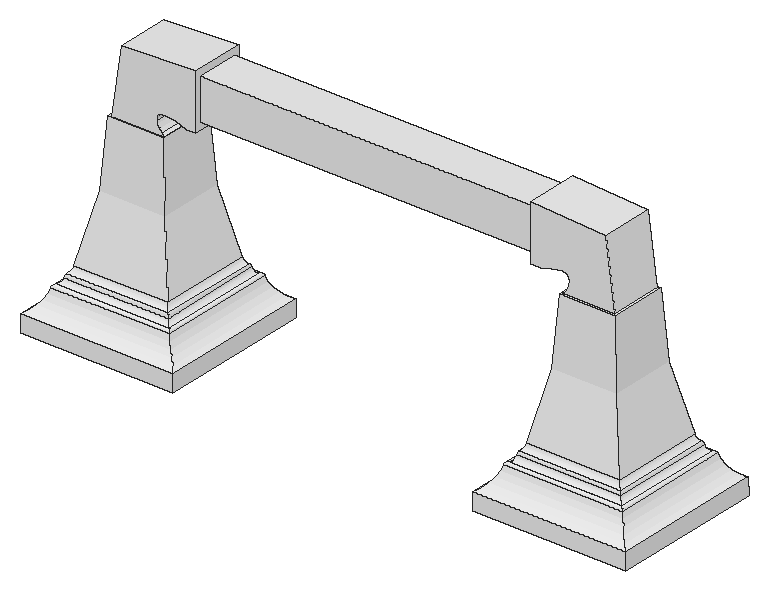
Revit family "Toilet-Paper-Holder-American_Standard-TS_Series-7455230", category Specialty Equipment, host Face, Revit 2014
Parameters (values of type "7455230")
  Width = 3 7/16"  # constant formula
  Warranty Information = "One Year General Product Warranty"  # constant formula
  URL = "https://www.americanstandard-us.com/"
  Type Comments = ""
  Specification = "Toilet Paper Holder shall feature metal construction. Shall feature concealed mounting with no exposed set screws."  # constant formula
  Product Page URL = "https://www.americanstandard-us.com/bathroom/bathroom-accessories/ts-series-toilet-paper-holder-33447?variant=polished-chrome"
  Product Documentation Link = "https://www.americanstandard-us.com/-/media/sites/asus/files/product-specs/bathroom-accessories/2018/townsquare-s-bathroom-accessories/specsheet-7455230.pdf?la=en"
  Price = "Prices may vary. Please consult Manufacturer Representative for most up-to-date price list."  # constant formula
  Model = "7455230"  # constant formula
  Material = "Metal-American Standard-002-Polished Chrome"
  Manufacturer = "American Standard"  # constant formula
  Length = 8 29/32"  # constant formula
  Installation Type = "Wall Mount"  # constant formula
  Height = 2 1/4"  # constant formula
  Finish = Metal-American Standard-002-Polished Chrome
  Description = "TS Series Bath Accessories Toilet Paper Holder"  # constant formula
  Default Elevation = 48"  # constant formula
  Creation Date = "5/07/2018"  # constant formula
  Assembly Code = "C1030220"
Types (3): name | Product Page URL | Product Documentation Link
  (no name) | "https://www.americanstandard-us.com/bathroom/bathroom-accessories/ts-series-toilet-paper-holder-33447?variant=polished-chrome" | "https://www.americanstandard-us.com/-/media/sites/asus/files/product-specs/bathroom-accessories/2018/townsquare-s-bathroom-accessories/specsheet-7455230.pdf?la=en"
  7455230 | "https://www.americanstandard-us.com/bathroom/bathroom-accessories/ts-series-toilet-paper-holder-33447?variant=polished-chrome" | "https://www.americanstandard-us.com/-/media/sites/asus/files/product-specs/bathroom-accessories/2018/townsquare-s-bathroom-accessories/specsheet-7455230.pdf?la=en"
  7455024 | "" | ""
Reference planes (in)
  plane 1 "Center (Front/Back)": y = 0
  plane 2: z = 0
  plane 3 "Center (Left/Right)": x = 0
  plane 4: y = 1.125
  plane 5: y = -1.125
  plane 6: x = -4.45313
  plane 7: z = 3.4375
  plane 8: y = -0.3125
  plane 9: y = 0.3125
  plane 10: x = 4.45312
  plane 11: z = 3.7375
  plane 12: z = 3.125
  plane 13: x = -3.32812
  plane 14: x = 3.32813
  plane 15: x = -2.20312
  plane 16: x = 2.20313
  plane 17: x = 2.46379
  plane 18: x = -2.45843
Forms (in)
  Extrusion 1, solid, material "Metal-American Standard-002-Polished Chrome" <- "Finish"
    sketch origin (0, 0, 0) x (1, 0, 0) y (0, 1, 0)
      loop
        line (2.46379, 0.3125) -> (-2.45843, 0.3125) -> (-2.45843, -0.3125) -> (2.46379, -0.3125) -> (2.46379, 0.3125)
    from 3.125 to 3.7375
  Sweep 2, solid, material "Metal-American Standard-002-Polished Chrome" <- "Finish"
    path origin (-0.01562, 0, 0) x (1, 0, 0) y (0, 0, 1)
      loop
        line (2.47942, 3.43125) -> (3.32813, 3.43125) -> (3.32813, 2.79743)
    profile origin (2.88815, 0, 3.43125) x (0, 0, 1) y (0, -1, 0)
      loop
        line (0.43125, 0.38739) -> (-0.4625, 0.38739) -> (-0.4625, -0.39103) -> (0.43125, -0.39103) -> (0.43125, 0.38739)
  Sweep 3, solid, material "Metal-American Standard-002-Polished Chrome" <- "Finish"
    path origin (0.02099, 0, 0) x (-1, 0, 0) y (0, 0, 1)
      loop
        line (2.47942, 3.43125) -> (3.32813, 3.43125) -> (3.32813, 2.79743)
    profile origin (-2.88278, 0, 3.43125) x (0, 0, -1) y (0, -1, 0)
      loop
        line (-0.43125, 0.38739) -> (-0.43125, -0.39103) -> (0.4625, -0.39103) -> (0.4625, 0.38739) -> (-0.43125, 0.38739)
  Sweep 4, solid, material "Metal-American Standard-002-Polished Chrome" <- "Finish"
    path origin (0, 0, 0) x (1, 0, 0) y (0, 1, 0)
      loop
        line (-4.45313, 1.125) -> (-4.45313, -1.125) -> (-2.20312, -1.125) -> (-2.20312, 1.125) -> (-4.45313, 1.125)
    profile origin (-3.32812, 1.125, 0) x (0, 1, 0) y (0, 0, 1)
      loop
        line (-0.16444, 0) -> (0, 0) -> (0, 0.25)
        arc (0, 0.25) -> (-0.16077, 0.38802) -> (-0.24972, 0.58034) r 0.49863
        arc (-0.24972, 0.58034) -> (-0.26706, 0.60819) -> (-0.29801, 0.61906) r 0.04947
        arc (-0.29801, 0.61906) -> (-0.33901, 0.65191) -> (-0.35889, 0.70054) r 0.10468
        arc (-0.35889, 0.70054) -> (-0.36552, 0.72808) -> (-0.3776, 0.7537) r 0.13916
        arc (-0.3776, 0.7537) -> (-0.41929, 0.79484) -> (-0.44006, 0.8496) r 0.13745
        arc (-0.44006, 0.8496) -> (-0.64837, 1.81341) -> (-0.71204, 2.79743) r 6.65793
        line (-0.71204, 2.79743) -> (-0.75613, 2.79743)
        arc (-0.75613, 2.79743) -> (-0.62387, 1.36411) -> (-0.16444, 0) r 6.19579
  Sweep 5, solid, material "Metal-American Standard-002-Polished Chrome" <- "Finish"
    path origin (24.02344, 0.00241, 0) x (1, 0, 0) y (0, 1, 0)
      loop
        line (-21.82031, 1.12259) -> (-21.82031, -1.12741) -> (-19.57031, -1.12741) -> (-19.57031, 1.12259) -> (-21.82031, 1.12259)
    profile origin (3.32813, 1.125, 0) x (0, 1, 0) y (0, 0, 1)
      loop
        line (-0.16444, 0) -> (0, 0) -> (0, 0.25)
        arc (0, 0.25) -> (-0.16077, 0.38802) -> (-0.24972, 0.58034) r 0.49863
        arc (-0.24972, 0.58034) -> (-0.26706, 0.60819) -> (-0.29801, 0.61906) r 0.04947
        arc (-0.29801, 0.61906) -> (-0.33901, 0.65191) -> (-0.35889, 0.70054) r 0.10468
        arc (-0.35889, 0.70054) -> (-0.36552, 0.72808) -> (-0.3776, 0.7537) r 0.13916
        arc (-0.3776, 0.7537) -> (-0.41929, 0.79484) -> (-0.44006, 0.8496) r 0.13745
        arc (-0.44006, 0.8496) -> (-0.64837, 1.81341) -> (-0.71204, 2.79743) r 6.65793
        line (-0.71204, 2.79743) -> (-0.75613, 2.79743)
        arc (-0.75613, 2.79743) -> (-0.62387, 1.36411) -> (-0.16444, 0) r 6.19579
  Extrusion 6, void
    sketch origin (-1.05602, 0, -0.96066) x (1, 0, 0) y (0, 0, 1)
      loop
        arc (4.08793, 3.94825) -> (4.06434, 4.0193) -> (3.9948, 4.04701) r 0.08873
        arc (3.9948, 4.04701) -> (3.82464, 4.02338) -> (3.6606, 3.97236) r 1.05172
        line (3.6606, 3.97236) -> (3.51981, 3.97236) -> (3.51981, 3.92941) -> (3.90602, 3.92941) -> (3.90602, 3.75809) -> (3.99246, 3.75809) -> (4.02984, 3.79486)
        arc (4.02984, 3.79486) -> (4.06809, 3.86807) -> (4.08793, 3.94825) r 0.3464
    from -0.39103 to 0.38739
  Extrusion 7, void
    sketch origin (1.06138, 0, -0.96066) x (-1, 0, 0) y (0, 0, -1)
      loop
        arc (4.0882, -3.9486) -> (4.06833, -3.86817) -> (4.02994, -3.79476) r 0.34665
        line (4.02994, -3.79476) -> (3.99246, -3.75809) -> (3.90602, -3.75809) -> (3.90602, -3.92941) -> (3.51981, -3.92941) -> (3.51981, -3.97236) -> (3.66024, -3.97236)
        arc (3.66024, -3.97236) -> (3.82363, -4.02316) -> (3.99309, -4.04678) r 1.05158
        arc (3.99309, -4.04678) -> (4.06387, -4.02019) -> (4.0882, -3.9486) r 0.0884
    from -0.39103 to 0.38739
  Extrusion 8, void
    sketch origin (0, 0, 0) x (1, 0, 0) y (0, 0, 1)
      loop
        line (2.46379, 3.8625) -> (2.46379, 3.83004) -> (3.56087, 3.77254) -> (3.697, 2.79743) -> (3.74375, 2.79743) -> (3.74375, 3.8625) -> (2.46379, 3.8625)
    from -0.39103 to 0.38739
  Extrusion 9, void
    sketch origin (0.00536, 0, 0) x (-1, 0, 0) y (0, 0, -1)
      loop
        line (2.46379, -3.8625) -> (3.74375, -3.8625) -> (3.74375, -2.79743) -> (3.697, -2.79743) -> (3.56087, -3.77254) -> (2.46379, -3.83004) -> (2.46379, -3.8625)
    from -0.39103 to 0.38739
Cuts and joins
  Extrusion 6, Extrusion 8 cuts Sweep 2
  Extrusion 7 cuts Sweep 5
  joined: Extrusion 1, Sweep 2, Sweep 4, Sweep 5
  Extrusion 7, Extrusion 9 cuts Sweep 3
Lines and regions (in)
  Masking region 1
    outline origin (0, 0, 0) x (1, 0, 0) y (0, 0, 1)
      loop
        spline (4.20279, 0.58316) -> (4.2003, 0.58878) -> (4.19744, 0.59404) -> (4.19426, 0.5989) -> (4.19076, 0.60331) -> (4.187, 0.60723) -> (4.18299, 0.61063) -> (4.17878, 0.61347) -> (4.17441, 0.61573) -> (4.16991, 0.61739) -> (4.16532, 0.61843) -> (4.1607, 0.61885) -> (4.15607, 0.61864)
        arc (4.15607, 0.61864) -> (4.11443, 0.65149) -> (4.09424, 0.70054) r 0.10468
        arc (4.09424, 0.70054) -> (4.0876, 0.72808) -> (4.07553, 0.7537) r 0.13916
        arc (4.07553, 0.7537) -> (4.03384, 0.79484) -> (4.01306, 0.8496) r 0.13745
        arc (4.01306, 0.8496) -> (3.80475, 1.81341) -> (3.74108, 2.79743) r 6.65793
        line (3.74108, 2.79743) -> (3.697, 2.79743) -> (3.56087, 3.77254) -> (2.46379, 3.83004) -> (2.46379, 3.7375) -> (-2.45843, 3.7375) -> (-2.45843, 3.83004) -> (-3.55551, 3.77254) -> (-3.69164, 2.79743) -> (-3.74108, 2.79743)
        arc (-3.74108, 2.79743) -> (-3.80475, 1.81341) -> (-4.01306, 0.8496) r 6.65793
        arc (-4.01306, 0.8496) -> (-4.03384, 0.79484) -> (-4.07553, 0.7537) r 0.13745
        arc (-4.07553, 0.7537) -> (-4.0876, 0.72808) -> (-4.09424, 0.70054) r 0.13916
        arc (-4.09424, 0.70054) -> (-4.11443, 0.65149) -> (-4.15607, 0.61864) r 0.10468
        spline (-4.15607, 0.61864) -> (-4.16076, 0.61885) -> (-4.16544, 0.61844) -> (-4.17006, 0.61741) -> (-4.17458, 0.61576) -> (-4.17897, 0.61352) -> (-4.18318, 0.6107) -> (-4.18717, 0.60733) -> (-4.19091, 0.60345) -> (-4.19437, 0.59907) -> (-4.19751, 0.59425) -> (-4.2003, 0.58902) -> (-4.20273, 0.58344)
        arc (-4.20273, 0.58344) -> (-4.2914, 0.38929) -> (-4.45313, 0.25) r 0.49863
        line (-4.45313, 0.25) -> (-4.45313, 0) -> (-2.20312, 0) -> (-2.20312, 0.25)
        arc (-2.20312, 0.25) -> (-2.36477, 0.38917) -> (-2.45346, 0.58316) r 0.49863
        spline (-2.45346, 0.58316) -> (-2.45595, 0.58878) -> (-2.45881, 0.59404) -> (-2.46199, 0.5989) -> (-2.46549, 0.60331) -> (-2.46925, 0.60723) -> (-2.47326, 0.61063) -> (-2.47747, 0.61347) -> (-2.48184, 0.61573) -> (-2.48634, 0.61739) -> (-2.49093, 0.61843) -> (-2.49555, 0.61885) -> (-2.50018, 0.61864)
        arc (-2.50018, 0.61864) -> (-2.54182, 0.65149) -> (-2.56201, 0.70054) r 0.10468
        arc (-2.56201, 0.70054) -> (-2.56865, 0.72808) -> (-2.58072, 0.7537) r 0.13916
        arc (-2.58072, 0.7537) -> (-2.62241, 0.79484) -> (-2.64319, 0.8496) r 0.13745
        arc (-2.64319, 0.8496) -> (-2.85042, 1.80576) -> (-2.9153, 2.78198) r 6.65793
        line (-2.9153, 2.78198) -> (-2.96855, 2.8341)
        arc (-2.96855, 2.8341) -> (-3.00694, 2.90751) -> (-3.02682, 2.98794) r 0.34665
        arc (-3.02682, 2.98794) -> (-3.00249, 3.05953) -> (-2.93171, 3.08612) r 0.0884
        arc (-2.93171, 3.08612) -> (-2.76225, 3.0625) -> (-2.59886, 3.0117) r 1.05158
        line (-2.59886, 3.0117) -> (-2.45843, 3.0117) -> (-2.45843, 3.125) -> (2.46379, 3.125) -> (2.46379, 3.0117) -> (2.60458, 3.0117)
        arc (2.60458, 3.0117) -> (2.76862, 3.06272) -> (2.93878, 3.08635) r 1.05172
        arc (2.93878, 3.08635) -> (3.00832, 3.05864) -> (3.03191, 2.98759) r 0.08873
        arc (3.03191, 2.98759) -> (3.01208, 2.90741) -> (2.97382, 2.8342) r 0.3464
        line (2.97382, 2.8342) -> (2.91533, 2.77665)
        arc (2.91533, 2.77665) -> (2.85005, 1.80313) -> (2.64319, 0.8496) r 6.65793
        arc (2.64319, 0.8496) -> (2.62241, 0.79484) -> (2.58072, 0.7537) r 0.13745
        arc (2.58072, 0.7537) -> (2.56865, 0.72808) -> (2.56201, 0.70054) r 0.13916
        arc (2.56201, 0.70054) -> (2.54213, 0.65191) -> (2.50113, 0.61906) r 0.10468
        arc (2.50113, 0.61906) -> (2.47018, 0.60819) -> (2.45284, 0.58034) r 0.04947
        arc (2.45284, 0.58034) -> (2.3639, 0.38802) -> (2.20313, 0.25) r 0.49863
        line (2.20313, 0.25) -> (2.20313, 0) -> (4.45312, 0) -> (4.45312, 0.25)
        arc (4.45312, 0.25) -> (4.29148, 0.38917) -> (4.20279, 0.58316) r 0.49863
  symbolic lines, detail levels medium+fine
    curve 1: line (2.46379, 0, 3.0117) -> (2.46379, 0, 3.7375)
    curve 2: line (2.91517, 0, 2.79743) -> (3.74108, 0, 2.79743)
    curve 3: line (-2.45843, 0, 3.7375) -> (-2.45843, 0, 3.125)
    curve 4: line (-3.69164, 0, 2.79743) -> (-2.93108, 0, 2.79743)
    curve 8: line (4.45312, 0, 0.25) -> (2.20313, 0, 0.25)
    curve 12: line (-2.20312, 0, 0.25) -> (-4.45313, 0, 0.25)
  symbolic lines, detail levels fine
    curve 5: line (4.01306, 0, 0.8496) -> (2.64319, 0, 0.8496)
    curve 6: line (4.07553, 0, 0.7537) -> (2.58072, 0, 0.7537)
    curve 7: line (4.15512, 0, 0.61906) -> (2.50113, 0, 0.61906)
    curve 9: line (-2.64319, 0, 0.8496) -> (-4.01306, 0, 0.8496)
    curve 10: line (-2.58072, 0, 0.7537) -> (-4.07553, 0, 0.7537)
    curve 11: line (-2.50113, 0, 0.61906) -> (-4.15512, 0, 0.61906)
Dimensions and locks (in)
  equal spacing: plane 6, plane 3 "Center (Left/Right)", plane 10
  "Height": plane 4 to plane 5
  "Width": plane 7 to plane 2
  plane 9 to plane 1 "Center (Front/Back)" to plane 8 = 5/16", 5/16"
  host face to plane 7 = 3 7/16"
  plane 5 to plane 4 = 2 1/4"
  equal spacing: plane 4, plane 1 "Center (Front/Back)", plane 5
  plane 12 to plane 7 to plane 11 = 5/16", 0.3"
  plane 11 to plane 12 = 0.6125"
  plane 12 to plane 11 = 0.6125"
  plane 6 to plane 13 to plane 18 to plane 15 = 1 1/8" locked, 0.86969" locked, 0.25531" locked
  plane 16 to plane 17 to plane 14 to plane 10 = 0.26067" locked, 0.86433" locked, 1 1/8" locked
  "Length": plane 6 to plane 10
  plane 18 to plane 17 = 4.92223"
  aligned and locked: plane 2 to host face
  aligned and locked: level to host face
  aligned and locked: plane 4 to Sweep 4 sketch curve
  aligned and locked: plane 6 to Sweep 4 sketch curve
  aligned and locked: Sweep 4 sketch curve to plane 5
  aligned and locked: Sweep 4 sketch curve to plane 15
  aligned and locked: plane 16 to Sweep 5 sketch curve
  aligned and locked: plane 10 to Sweep 5 sketch curve
  aligned and locked: Sweep 5 sketch curve to plane 5
  aligned and locked: plane 4 to Sweep 5 sketch curve
  aligned and locked: Extrusion 7 to Sweep 3  (x4)
  aligned and locked: Extrusion 8 sketch curve to plane 17
  aligned and locked: Extrusion 8 to Sweep 2  (x2)
  aligned and locked: Extrusion 9 to cut or joined group of Sweep 3, Extrusion 7, Extrusion 9  (x2)
  aligned and locked: Masking region 1 sketch curve to cut or joined group of Extrusion 1, Sweep 2, Sweep 4, Sweep 5, Extrusion 6, Extrusion 7, Extrusion 8  (x31)
  aligned and locked: Masking region 1 sketch curve to plane 10
  aligned and locked: host face to Masking region 1 sketch curve  (x2)
  aligned and locked: plane 16 to Masking region 1 sketch curve
  aligned and locked: plane 15 to Masking region 1 sketch curve
  aligned and locked: plane 6 to Masking region 1 sketch curve
  aligned and locked: plane 17 to curve 1
  aligned and locked: cut or joined group of Sweep 3, Extrusion 7, Extrusion 9 to curve 3
  aligned and locked: curve 5 to cut or joined group of Extrusion 1, Sweep 2, Sweep 4, Sweep 5, Extrusion 6, Extrusion 7, Extrusion 8
  aligned and locked: curve 6 to cut or joined group of Extrusion 1, Sweep 2, Sweep 4, Sweep 5, Extrusion 6, Extrusion 7, Extrusion 8
  aligned and locked: curve 7 to cut or joined group of Extrusion 1, Sweep 2, Sweep 4, Sweep 5, Extrusion 6, Extrusion 7, Extrusion 8
  aligned and locked: curve 8 to cut or joined group of Extrusion 1, Sweep 2, Sweep 4, Sweep 5, Extrusion 6, Extrusion 7, Extrusion 8
  aligned and locked: curve 9 to cut or joined group of Extrusion 1, Sweep 2, Sweep 4, Sweep 5, Extrusion 6, Extrusion 7, Extrusion 8
  aligned and locked: curve 10 to cut or joined group of Extrusion 1, Sweep 2, Sweep 4, Sweep 5, Extrusion 6, Extrusion 7, Extrusion 8
  aligned and locked: curve 11 to cut or joined group of Extrusion 1, Sweep 2, Sweep 4, Sweep 5, Extrusion 6, Extrusion 7, Extrusion 8
  aligned and locked: curve 12 to cut or joined group of Extrusion 1, Sweep 2, Sweep 4, Sweep 5, Extrusion 6, Extrusion 7, Extrusion 8
  aligned and locked: Masking region 1 sketch curve to cut or joined group of Sweep 3, Extrusion 7, Extrusion 9  (x8)
  aligned and locked: Masking region 1 sketch curve to curve 4
Automatic sketch dimensions
  host sketch curve to host sketch curve = 96"  (x2)
  plane 9 to Extrusion 1 sketch curve = 0"
  Extrusion 1 sketch curve to plane 18 = 0"
  plane 8 to Extrusion 1 sketch curve = 0"
  Extrusion 1 sketch curve to plane 17 = 0"
  Sweep 2 sketch curve to plane 17 = 0"
  plane 7 to Sweep 2 sketch curve = 0.00625"
  Sweep 2 sketch curve to plane 14 = 1/64"
  plane 12 to Sweep 2 sketch curve = 0.32757"
  profile plane to Sweep 2 sketch curve = 0.4625"
  Sweep 2 sketch curve to profile plane = 0.43125"
  Sweep 2 sketch curve to plane 1 "Center (Front/Back)" = 0.39103"
  plane 1 "Center (Front/Back)" to Sweep 2 sketch curve = 0.38739"
  Sweep 3 sketch curve to plane 18 = 0"
  Sweep 3 sketch curve to plane 7 = 0.00625"
  Sweep 3 sketch curve to plane 13 = 0.02099"
  Sweep 3 sketch curve to plane 12 = 0.32757"
  profile plane to Sweep 3 sketch curve = 0.43125"
  Sweep 3 sketch curve to profile plane = 0.4625"
  Sweep 3 sketch curve to plane 1 "Center (Front/Back)" = 0.39103"
  plane 1 "Center (Front/Back)" to Sweep 3 sketch curve = 0.38739"
  Sweep 4 sketch curve to level = 0"
  Sweep 4 sketch curve to profile plane = 0"
  profile plane to Sweep 4 sketch curve = 0.16444"
  profile plane to Sweep 4 sketch curve = 0.25516"
  Sweep 4 sketch curve to Sweep 4 sketch curve = 0.04285"
  Sweep 4 sketch curve to Sweep 4 sketch curve = 0.04895"
  Sweep 4 sketch curve to Sweep 4 sketch curve = 0.19879"
  profile plane to Sweep 4 sketch curve = 0.71204"
  Sweep 4 sketch curve to Sweep 4 sketch curve = 0.04408"
  Sweep 4 sketch curve to profile plane = 0.237"
  level to Sweep 4 sketch curve = 2.64622"
  Sweep 4 sketch curve to profile plane = 5.43782"
  Sweep 4 sketch curve to Sweep 4 sketch curve = 0.50777"
  Sweep 4 sketch curve to Sweep 4 sketch curve = 1/4"
  Sweep 4 sketch curve to Sweep 4 sketch curve = 0.31959"
  Sweep 4 sketch curve to Sweep 4 sketch curve = 0.11229"
  Sweep 4 sketch curve to Sweep 4 sketch curve = 0.43871"
  Sweep 4 sketch curve to Sweep 4 sketch curve = 0.13423"
  Sweep 4 sketch curve to Sweep 4 sketch curve = 0.15529"
  Sweep 4 sketch curve to Sweep 4 sketch curve = 0.08792"
  Sweep 4 sketch curve to Sweep 4 sketch curve = 0"  (x2)
  Sweep 4 sketch curve to Sweep 4 sketch curve = 0.01871"
  Sweep 5 sketch curve to level = 0"
  Sweep 5 sketch curve to profile plane = 0"
  profile plane to Sweep 5 sketch curve = 0.16444"
  profile plane to Sweep 5 sketch curve = 0.25516"
  Sweep 5 sketch curve to Sweep 5 sketch curve = 0.04285"
  Sweep 5 sketch curve to Sweep 5 sketch curve = 0.04895"
  Sweep 5 sketch curve to Sweep 5 sketch curve = 0.19879"
  profile plane to Sweep 5 sketch curve = 0.71204"
  Sweep 5 sketch curve to Sweep 5 sketch curve = 0.04408"
  Sweep 5 sketch curve to profile plane = 0.237"
  level to Sweep 5 sketch curve = 2.64622"
  Sweep 5 sketch curve to profile plane = 5.43782"
  Sweep 5 sketch curve to Sweep 5 sketch curve = 0.50777"
  Sweep 5 sketch curve to Sweep 5 sketch curve = 1/4"
  Sweep 5 sketch curve to Sweep 5 sketch curve = 0.31959"
  Sweep 5 sketch curve to Sweep 5 sketch curve = 0.11229"
  Sweep 5 sketch curve to Sweep 5 sketch curve = 0.43871"
  Sweep 5 sketch curve to Sweep 5 sketch curve = 0.13423"
  Sweep 5 sketch curve to Sweep 5 sketch curve = 0.15529"
  Sweep 5 sketch curve to Sweep 5 sketch curve = 0.08792"
  Sweep 5 sketch curve to Sweep 5 sketch curve = 0"  (x2)
  Sweep 5 sketch curve to Sweep 5 sketch curve = 0.01871"
  Extrusion 6 sketch curve to plane 17 = 0"
  plane 17 to Extrusion 6 sketch curve = 0.14078"
  Extrusion 6 sketch curve to Extrusion 6 sketch curve = 0.08355"
  Extrusion 6 sketch curve to Extrusion 6 sketch curve = 0.16187"
  Extrusion 6 sketch curve to Extrusion 6 sketch curve = 0.08645"
  Extrusion 6 sketch curve to Extrusion 6 sketch curve = 3/32"
  Extrusion 6 sketch curve to Extrusion 6 sketch curve = 0.03737"
  Extrusion 6 sketch curve to plane 14 = 0.33023"
  plane 12 to Extrusion 6 sketch curve = 1.0887"
  plane 12 to Extrusion 6 sketch curve = 0.32757"
  Extrusion 6 sketch curve to Extrusion 6 sketch curve = 0.03677"
  plane 12 to Extrusion 6 sketch curve = 5/32"
  Extrusion 6 sketch curve to Extrusion 6 sketch curve = 0.02902"
  Extrusion 6 sketch curve to Extrusion 6 sketch curve = 11/256"
  Extrusion 6 sketch curve to Extrusion 6 sketch curve = 0.0184"
  Extrusion 6 sketch curve to Extrusion 6 sketch curve = 0"
  Extrusion 7 sketch curve to plane 18 = 0"
  plane 18 to Extrusion 7 sketch curve = 0.14043"
  Extrusion 7 sketch curve to Extrusion 7 sketch curve = 0.08391"
  Extrusion 7 sketch curve to Extrusion 7 sketch curve = 0.16187"
  Extrusion 7 sketch curve to Extrusion 7 sketch curve = 0.08645"
  Extrusion 7 sketch curve to Extrusion 7 sketch curve = 0.09436"
  Extrusion 7 sketch curve to Extrusion 7 sketch curve = 0.03747"
  Extrusion 7 sketch curve to plane 13 = 0.33642"
  Extrusion 7 sketch curve to plane 12 = 1.08874"
  Extrusion 7 sketch curve to plane 12 = 0.32757"
  Extrusion 7 sketch curve to Extrusion 7 sketch curve = 0.03667"
  Extrusion 7 sketch curve to plane 12 = 5/32"
  Extrusion 7 sketch curve to Extrusion 7 sketch curve = 0.02928"
  Extrusion 7 sketch curve to Extrusion 7 sketch curve = 11/256"
  Extrusion 7 sketch curve to Extrusion 7 sketch curve = 0.01859"
  Extrusion 7 sketch curve to Extrusion 7 sketch curve = 0"
  Extrusion 8 sketch curve to plane 11 = 0.03504"
  Extrusion 8 sketch curve to Extrusion 8 sketch curve = 0.18288"
  Extrusion 8 sketch curve to Extrusion 8 sketch curve = 0.04675"
  Extrusion 8 sketch curve to Extrusion 8 sketch curve = 0.03246"
  plane 15 to Extrusion 9 sketch curve = 0.25531"
  Extrusion 9 sketch curve to Extrusion 9 sketch curve = 1.09708"
  Extrusion 9 sketch curve to Extrusion 9 sketch curve = 0.13613"
  Extrusion 9 sketch curve to Extrusion 9 sketch curve = 0.18288"
  Extrusion 9 sketch curve to plane 11 = 0.94007"
  Extrusion 9 sketch curve to Extrusion 9 sketch curve = 0.97512"
  Extrusion 9 sketch curve to Extrusion 9 sketch curve = 0.0575"
  Extrusion 9 sketch curve to Extrusion 9 sketch curve = 0.03246"
  plane 14 to Extrusion 8 sketch curve = 0.23275"
  plane 12 to Extrusion 8 sketch curve = 0.32757"
  Extrusion 8 sketch curve to plane 11 = 0.09254"
  Masking region 1 sketch curve to Masking region 1 sketch curve = 0.04672"
  Masking region 1 sketch curve to Masking region 1 sketch curve = 0.00317"  (x2)
  Masking region 1 sketch curve to Masking region 1 sketch curve = 0.04214"
  Masking region 1 sketch curve to Masking region 1 sketch curve = 0.06184"
  plane 18 to Masking region 1 sketch curve = 0.00497"
  Masking region 1 sketch curve to plane 18 = 0.03717"
  Masking region 1 sketch curve to Masking region 1 sketch curve = 0.03354"
  Masking region 1 sketch curve to Masking region 1 sketch curve = 0.04199"
  Masking region 1 sketch curve to Masking region 1 sketch curve = 0.04342"
  Masking region 1 sketch curve to Masking region 1 sketch curve = 0.00467"
  Masking region 1 sketch curve to Masking region 1 sketch curve = 0.03383"
  curve 3 to plane 12 = 0"
  curve 3 to plane 11 = 0"
  curve 1 to plane 11 = 0"
  plane 13 to curve 4 = 0.39704"
  curve 4 to plane 13 = 0.36351"
  curve 2 to plane 14 = 0.41296"
  plane 14 to curve 2 = 0.41296"
  plane 12 to curve 1 = 29/256"
  plane 12 to curve 4 = 0.32757"
  plane 12 to curve 2 = 0.32757"
  plane 17 to curve 5 = 0.17939"
  plane 10 to curve 5 = 0.44006"
  curve 6 to curve 5 = 0.06246"
  curve 5 to curve 6 = 0.06246"
  plane 17 to curve 7 = 0.03734"
  curve 6 to curve 7 = 0.07959"
  curve 8 to plane 16 = 0"
  plane 10 to curve 8 = 0"
  plane 6 to curve 9 = 0.44006"
  curve 9 to plane 18 = 0.18476"
  curve 10 to curve 9 = 0.06246"
  curve 9 to curve 10 = 0.06246"
  curve 11 to curve 10 = 0.07959"
  curve 11 to plane 18 = 0.0427"
  curve 12 to plane 6 = 0"
  curve 12 to plane 15 = 0"
  Masking region 1 sketch curve to Masking region 1 sketch curve = 0.04408"
  Masking region 1 sketch curve to plane 17 = 0"
  Masking region 1 sketch curve to plane 18 = 0"
